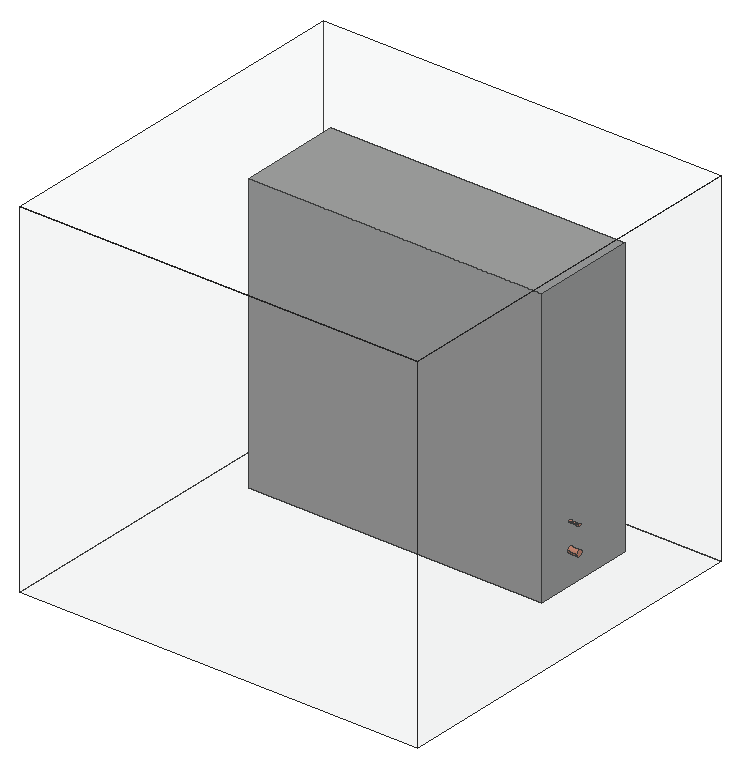
Revit family "Hitachi_RAC-YHA4_Outdoor_Unit_1116", category Mechanical Equipment, Revit 2013
Parameters (values of type "RAC-80YHA4")
  Weight (kg) = 52
  Unit Width = 850 mm
  Unit Height = 800 mm
  URL = "www.temperzone.biz"
  Top Clearance = 200 mm
  Sound Pressure Level (dbA) - Cool / Heat = "55 / 55"
  Right Clearance = 200 mm
  Refrigerant Type = "R410A"
  Refrigerant Pipe Charge Length = "30m"
  Refrig Pipe Offset from Back = 201 mm
  Radius pipe Top LIQUID = 3.2 mm
  Radius Pipe Bottom GAS = 7.9 mm
  Power Suppy = "240 / 1"
  Pipe Length (min./max.) = "3m to 30m"
  Pipe Height (max.) = "20m"
  Pipe Connection Size - Liquid = "6.35 mm"
  Pipe Connection Size - Gas = "15.9 mm"
  Outdoor Operating Temp. (heating) C db = "21 to -15 C"
  Outdoor Operating Temp. (cooling) C db = "46 to -10 C"
  Model - Indoor = "RAS-80YHA4"
  Model = "RAC-80YHA4"
  Recommended External Protection = 20 A
  Material = "Hitachi - Outdoor Unit"
  Manufacturer = "Temperzone / Hitachi"
  Left Clearance = 100 mm
  Interconnecting Wires = "3 + E, 1.5 mm"
  Height Refrig Pipe (Bottom - GAS) = 96 mm
  Height Refig Pipe (Top LIQUID) = 169.5 mm
  Heating Range = "1.5 - 9.7 kW"
  Heating Capacity = 9000 W
  Front Clearance = 700 mm
  Unit Depth = 298 mm
  Energy Star = yes
  EER Cooling = 3.24
  Description = "Hitachi Outdoor Unit RAC-80YHA4"
  Cooling Range = "1.5 - 8.5 kW"
  Cooling Capacity = 8000 W
  Clearance = Default
  COP Heating = 3.89
  Back Clearance = 100 mm
  Airflow - Med = 210.0 L/s
  Airflow - Low = 170.0 L/s
  Airflow - Hi = 250.0 L/s
  Airflow - ExLow = 146.0 L/s
Types (5, lengths in mm): name | Weight (kg) | Unit Height | Sound Pressure Level (dbA) - Cool / Heat | Refrigerant Pipe Charge Length | Refrig Pipe Offset from Back | Radius Pipe Bottom GAS | Pipe Height (max.) | Pipe Connection Size - Gas | Model - Indoor | Model | Recommended External Protection | Height Refrig Pipe (Bottom - GAS) | Height Refig Pipe (Top LIQUID) | Heating Range | Heating Capacity | EER Cooling | Description | Cooling Range | Cooling Capacity | COP Heating | Airflow - Med | Airflow - Low | Airflow - Hi | Airflow - ExLow
  (no name) | 52 | 800 | "55 / 55" | "30m" | 201 | 7.9 | "20m" | "15.9 mm" | "RAS-80YHA4" | "RAC-80YHA4" | 20 A | 96 | 169.5 | "1.5 - 9.7 kW" | 9000 W | 3.24 | "Hitachi Outdoor Unit RAC-80YHA4" | "1.5 - 8.5 kW" | 8000 W | 3.89 | 210.0 L/s | 170.0 L/s | 250.0 L/s | 146.0 L/s
  RAC-50YHA4 | 45 | 650 | "50 / 52" | "30m" | 201 | 6.4 | "10m" | "12.7 mm" | "RAS-50YHA4" | "RAC-50YHA4" | 16 A | 96 | 169.5 | "1.2 - 6.8 kW" | 6000 W | 3.44 | "Hitachi Outdoor Unit RAC-50YHA4" | "1.2 - 5.8 kW" | 5000 W | 4.04 | 150.0 L/s | 100.0 L/s | 200.0 L/s | 70.0 L/s
  RAC-60YHA4 | 52 | 750 | "50 / 52" | "20m" | 191 | 6.4 | "20m" | "12.7 mm" | "RAS-60YHA4" | "RAC-60YHA4" | 20 A | 107.5 | 159.5 | "1.2 - 7.5 kW" | 7000 W | 3.33 | "Hitachi Outdoor Unit RAC-60YHA4" | "1.2 - 6.8 kW" | 6000 W | 3.85 | 200.0 L/s | 145.0 L/s | 270.0 L/s | 120.0 L/s
  RAC-70YHA4 | 52 | 800 | "51 / 53" | "30m" | 201 | 7.9 | "20m" | "15.9 mm" | "RAS-70YHA4" | "RAC-70YHA4" | 20 A | 96 | 169.5 | "1.5 - 9.0 kW" | 8000 W | 3.38 | "Hitachi Outdoor Unit RAC-70YHA4" | "1.5 - 8.3 kW" | 7000 W | 4.18 | 210.0 L/s | 170.0 L/s | 260.0 L/s | 140.0 L/s
  RAC-80YHA4 | 52 | 800 | "55 / 55" | "30m" | 201 | 7.9 | "20m" | "15.9 mm" | "RAS-80YHA4" | "RAC-80YHA4" | 20 A | 96 | 169.5 | "1.5 - 9.7 kW" | 9000 W | 3.24 | "Hitachi Outdoor Unit RAC-80YHA4" | "1.5 - 8.5 kW" | 8000 W | 3.89 | 210.0 L/s | 170.0 L/s | 250.0 L/s | 146.0 L/s
Reference planes
  plane 1 "Center (Front/Back)": y = 0
  plane 2: z = 0
  plane 3 "Center (Left/Right)": x = 0
  plane 4 "Front": y = -298
  plane 5 "Back Clearance": y = 100
  plane 6 "Right": x = 425
  plane 7 "Left": x = -425
  plane 8 "Front Clearance": y = -998
  plane 9 "Right Clearance": x = 625
  plane 10 "left Clearance": x = -525
  plane 11 "Top": z = 800
  plane 12 "Top Clearance": z = 1000
  plane 13 "Refrig Lines": y = -201
  plane 14: z = 169.5
  plane 15: z = 96
  plane 16 "Circle Centre horizontal": z = 400
  plane 17 "Circle centre vertical": x = -125
  plane 18: x = 175
  plane 19: x = 375
  plane 20: z = 649.5
  plane 21: z = 150.5
Forms (mm)
  Extrusion 1, solid, material "Steel, Paint Finish, Ivory, Matte"
    sketch origin (0, 0, 0) x (1, 0, 0) y (0, 1, 0)
      loop
        line (-425, 0) -> (-425, -298) -> (425, -298) -> (425, 0) -> (-425, 0)
    from 0 to 800
  Extrusion 2, solid, material "Clearance Zone"
    sketch origin (0, 0, 0) x (1, 0, 0) y (0, 1, 0)
      loop
        line (-525, 100) -> (-525, -998) -> (625, -998) -> (625, 100) -> (-525, 100)
    from 0 to 1000
  Extrusion 3, solid, material "Copper"
    sketch origin (425, 0, 0) x (0, -1, 0) y (0, 0, -1)
      loop
        circle (201, -169.5) r 3.2
    from 0 to 30
  Extrusion 4, solid, material "Copper"
    sketch origin (425, 0, 0) x (0, -1, 0) y (0, 0, -1)
      loop
        circle (201, -96) r 7.9
    from 0 to 30
Lines and regions (mm)
  model lines
    curve 1: circle (-125, -298, 400) r 250 normal (0, 1, 0)
    curve 2: line (175, -298, 649.5) -> (375, -298, 649.5)
    curve 3: line (175, -298, 150.5) -> (175, -298, 649.5)
    curve 4: line (375, -298, 150.5) -> (175, -298, 150.5)
    curve 5: line (375, -298, 649.5) -> (375, -298, 150.5)
Dimensions and locks
  equal spacing: plane 7 "Left", plane 3 "Center (Left/Right)", plane 6 "Right"
  "Unit Width": plane 7 "Left" to plane 6 "Right"
  "Unit Depth": plane 4 "Front" to plane 1 "Center (Front/Back)"
  "Back Clearance": plane 1 "Center (Front/Back)" to plane 5 "Back Clearance"
  "Unit Height": plane 11 "Top" to plane 2
  "Top Clearance": plane 12 "Top Clearance" to plane 11 "Top"
  "Left Clearance": plane 10 "left Clearance" to plane 7 "Left"
  "Right Clearance": plane 6 "Right" to plane 9 "Right Clearance"
  "Front Clearance": plane 4 "Front" to plane 8 "Front Clearance"
  "Refrig Pipe Offset from Back": plane 13 "Refrig Lines" to plane 1 "Center (Front/Back)"
  "Height Refrig Pipe (Bottom - GAS)": plane 15 to level
  "Height Refig Pipe (Top LIQUID)": plane 14 to level
  locked: plane 7 "Left" to plane 17 "Circle centre vertical" at 300
  equal spacing: plane 11 "Top", plane 16 "Circle Centre horizontal", level
  locked: plane 18 to plane 17 "Circle centre vertical" at 300
  locked: plane 19 to plane 6 "Right" at 50
  equal spacing: plane 20, plane 16 "Circle Centre horizontal", plane 21
  locked: plane 20 to plane 21 at 499
  "Radius pipe Top LIQUID": radius of Extrusion 3 sketch curve
  "Radius Pipe Bottom GAS": radius of Extrusion 4 sketch curve
  aligned and locked: level to plane 2
  aligned and locked: plane 1 "Center (Front/Back)" to Extrusion 1 sketch curve
  aligned and locked: Extrusion 1 sketch curve to plane 7 "Left"
  aligned and locked: plane 4 "Front" to Extrusion 1 sketch curve
  aligned and locked: Extrusion 1 sketch curve to plane 6 "Right"
  aligned and locked: plane 11 "Top" to Extrusion 1
  aligned and locked: Extrusion 1 to plane 2
  aligned and locked: Extrusion 2 sketch curve to plane 5 "Back Clearance"
  aligned and locked: plane 10 "left Clearance" to Extrusion 2 sketch curve
  aligned and locked: plane 8 "Front Clearance" to Extrusion 2 sketch curve
  aligned and locked: Extrusion 2 sketch curve to plane 9 "Right Clearance"
  aligned and locked: plane 12 "Top Clearance" to Extrusion 2
  aligned and locked: Extrusion 2 to plane 2
  aligned and locked: plane 20 to curve 2
  aligned and locked: curve 3 to plane 18
  aligned and locked: curve 4 to plane 21
  aligned and locked: curve 5 to plane 19
Automatic sketch dimensions
  curve 1 to plane 16 "Circle Centre horizontal" = 0 mm
  curve 1 to plane 17 "Circle centre vertical" = 0 mm
  Extrusion 3 sketch curve to plane 13 "Refrig Lines" = 0 mm
  Extrusion 3 sketch curve to plane 14 = 0 mm
  Extrusion 4 sketch curve to plane 13 "Refrig Lines" = 0 mm
  Extrusion 4 sketch curve to plane 15 = 0 mm
  radius of curve 1 = 250 mm
Connectors
  piping at (455, -201, 169.5), driven by "Radius pipe Top LIQUID"
    settings: on Extrusion 3, index 1, connector radius 3.2 mm, flow factor 0, pipe flow 0.0 L/s, pressure drop 0.0 Pa, fitting loss kfactor 0, connector angle 0.00°, fixture units 0, engagement length 0 mm, flow configuration 2, flow direction 0, fitting loss method 0, system type 22, joint type 0, gender type 0, connector reference index -1, connector utility 0, adjustable connector no, is connector primary yes, fitting loss table "", connector description "Liquid Line (top)"
  piping at (455, -201, 96), driven by "Radius Pipe Bottom GAS"
    settings: on Extrusion 4, index 2, connector radius 7.9 mm, flow factor 0, pipe flow 0.0 L/s, pressure drop 0.0 Pa, fitting loss kfactor 0, connector angle 0.00°, fixture units 0, engagement length 0 mm, flow configuration 0, flow direction 0, fitting loss method 4, system type 22, joint type 0, gender type 0, connector reference index -1, connector utility 0, adjustable connector no, is connector primary no, fitting loss table "", connector description "Gas Line (Bottom)"
